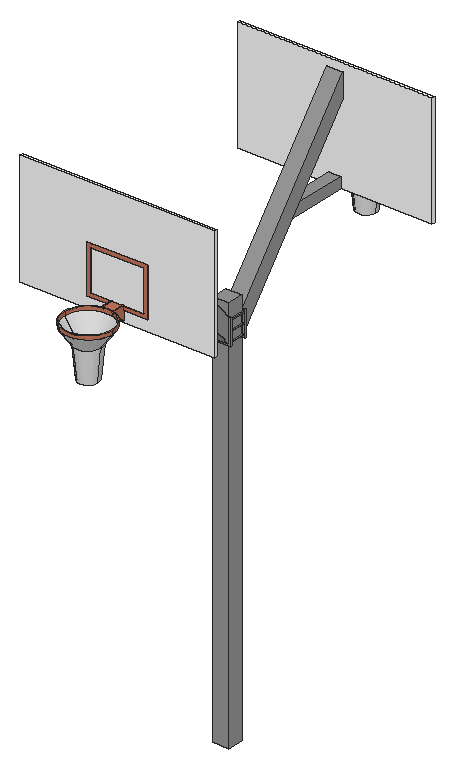
Revit family "Playground-System_Ultimate_Fixed-Height_BA871-72", category Generic Models, Revit 2018
Family settings
  Can host rebar = No
  Round Connector Dimension = Use Diameter
  Part Type = Normal
  OmniClass Number = 23.40.50.34.14
  OmniClass Title = Gymnasium Equipment
  Work Plane-Based = No
  Always vertical = Yes
  Cut with Voids When Loaded = No
  Shared = No
  Room Calculation Point = No
Parameters (values of type "BA872XL-BK")
  URL = "https://ipibybison.com/"
  Test Data = "http://www.ipibybison.com/ToolBox.php"
  Specification = "https://www.arcat.com/arcatcos/cos49/arc49571.html"
  Sales Information = "http://www.ipibybison.com/DealersPage.php"
  Revision = "R1_2018-09"
  Product Data = "http://www.arcat.com/arcatcos/cos38/arc38554.html"
  Post Height = 8' - 4"
  Post Square Width = 0' - 6"
  Post Material = Steel - Galvanized - Hot Dipped
  Padding = Padding - Black
  Model = "As Specified"
  Manufacturer Website = "http://www.ipibybison.com/"
  Manufacturer Phone - Toll Free = "888-438-5311"
  Manufacturer Phone = "888-438-5311"
  Manufacturer Fax = "888-438-5312"
  Manufacturer Address = "603 L St.   Lincoln, NE 68508"
  Manufacturer = "BRP by bison"
  Keynote = "11 66 00"
  Installation-Fabrication = "http://www.ipibybison.com/InstallersPage.php"
  Hoop Finish = Powder Coat - Playground Orange
  Hoop Elevation = 10' - 0"
  Green Building-LEED = "https://www.arcat.com/green/green_building.shtml"
  Embedding Depth = 4' - 0"
  Drawn By = "Sumex Design, Inc. / Robert S. Weygant, CSI, CDT, SCIP"
  Double Sided = yes
  Description = "IPI by Bison Gymnasium Equipment"
  Copyright = "©Arcat Inc."
  Construction Details = "https://www.arcat.com/downloads/38554-brpbis/bim/bison/BRP%20by%20bison"
  Category = ""
  Building Codes = "https://www.brpbybison.com/submittals.html"
  Basket Type = "BA39U"
  Basket Netting = Finish - IPI by Bison - White Netting
  Backboard Length = 6' - 0"
  Backboard Height = 3' - 6"
  Backboard Finish = Powder Coat - White
Types (8): name | Double Sided | Basket Type | Backboard Length
  BA871A-BK | no | "BA39U" | 5' - 0"
  BA871A-GV | no | "BA39U-GV" | 5' - 0"
  BA871-BK | no | "BA39U" | 5' - 0"
  BA872-BK | yes | "BA39U" | 5' - 0"
  BA871XL-BK | no | "BA39U" | 6' - 0"
  BA872-GV | yes | "BA39U" | 5' - 0"
  BA872A-BK | yes | "BA39U" | 5' - 0"
  BA872XL-BK | yes | "BA39U" | 6' - 0"
Reference planes (in)
  plane 1 "Center (Front/Back)": y = 0
  plane 2 "Bottom": z = 0
  plane 3 "Center (Left/Right)": x = 0
  plane 4: x = -3
  plane 5: x = 3
  plane 6 "Back": y = 3
  plane 7: y = -3
  plane 8: y = -51
  plane 9: y = -50
  plane 10 "Left": x = -36
  plane 11 "Right": x = 36
  plane 12: z = 114.5
  plane 13: z = 120
  plane 14 "Top": z = 156.5
  plane 15: y = -51.0625
  plane 16: z = 116.75
  plane 17: y = -31.25
  plane 18: y = -33.25
  plane 19: z = -48
  plane 20: z = 100
  plane 21: z = 94.54174
  plane 22: z = 90.80259
  plane 23: z = 87.06343
  plane 24: x = -3.5
  plane 25: x = 3.5
Forms (in)
  Extrusion 1, solid, material "Powder Coat - Playground Orange" <- "Hoop Finish"
    sketch origin (0, 0, 0) x (1, 0, 0) y (0, 0, 1)
      loop
        line (-11.25, 118.5) -> (-2.25, 118.5) -> (-2.25, 120) -> (-9.75, 120) -> (-9.75, 135) -> (9.75, 135) -> (9.75, 120) -> (2.25, 120) -> (2.25, 118.5) -> (11.25, 118.5) -> (11.25, 136.5) -> (-11.25, 136.5) -> (-11.25, 118.5)
    from 51 to 51.0625
  Extrusion 2, solid, material "Steel - Galvanized - Hot Dipped" <- "Post Material"
    sketch origin (0, 0, 0) x (1, 0, 0) y (0, 1, 0)
      loop
        line (-3, 3) -> (-3, -3) -> (3, -3) -> (3, 3) -> (-3, 3)
    from -48 to 100
  Extrusion 3, solid, material "Steel - Galvanized - Hot Dipped" <- "Post Material"
    sketch origin (0, 0, 0) x (0, 1, 0) y (0, 0, 1)
      loop
        line (-3, 95.55319) -> (-3.5, 95.55319) -> (-3.5, 86.05198) -> (-3, 86.05198) -> (-3, 95.55319)
      loop
        line (3, 95.55319) -> (3, 86.05198) -> (3.5, 86.05198) -> (3.5, 95.55319) -> (3, 95.55319)
    from -4 to 4
  Extrusion 4, solid, material "Steel - Galvanized - Hot Dipped" <- "Post Material"
    sketch origin (0, 0, 0) x (1, 0, 0) y (0, 0, 1)
      loop
        circle (-3.5, 94.54174) r 0.25
      loop
        circle (-3.5, 87.06343) r 0.25
      loop
        circle (-3.5, 90.80259) r 0.25
      loop
        circle (3.5, 94.54174) r 0.25
      loop
        circle (3.5, 87.06343) r 0.25
      loop
        circle (3.5, 90.80259) r 0.25
    from -3 to 3
Dimensions and locks (in)
  equal spacing: plane 4, plane 3 "Center (Left/Right)", plane 5
  "Post Square Width": plane 4 to plane 5
  equal spacing: plane 6 "Back", plane 1 "Center (Front/Back)", plane 7
  "Post Square Width": plane 6 "Back" to plane 7
  locked: plane 9 to plane 8 at 1
  equal spacing: plane 10 "Left", plane 3 "Center (Left/Right)", plane 11 "Right"
  "Backboard Length": plane 10 "Left" to plane 11 "Right"
  "Hoop Elevation": plane 13 to level
  locked: plane 13 to plane 12 at 5.5
  "Backboard Height": plane 14 "Top" to plane 12
  locked: plane 8 to plane 15 at 0.0625
  locked: plane 16 to plane 12 at 2.25
  locked: plane 17 to plane 18 at 2
  "Embedding Depth": level to plane 19
  "Post Height": plane 20 to level
  locked: plane 7 to Extrusion 3 sketch curve at 0.5
  plane 20 to Extrusion 3 sketch curve = 0' - 4.44681"
  locked: Extrusion 3 sketch curve to Extrusion 3 sketch curve at 9.50121  (x2)
  locked: Extrusion 3 sketch curve to plane 6 "Back" at 0.5
  equal spacing: Extrusion 3, plane 3 "Center (Left/Right)", Extrusion 3
  locked: Extrusion 3 to Extrusion 3 at 8
  locked: plane 4 to plane 24 at 0.5
  locked: plane 5 to plane 25 at 0.5
  locked: plane 20 to plane 21 at 5.45826
  equal spacing: plane 21, plane 22, plane 23
  locked: plane 21 to plane 23 at 7.47831
  locked: plane 17 to plane 7 at 28.25
  locked: plane 18 to plane 9 at 16.75
  aligned and locked: plane 2 "Bottom" to level
  aligned and locked: plane 8 to Extrusion 1
  aligned and locked: Extrusion 1 to plane 15
  aligned and locked: plane 4 to Extrusion 2 sketch curve
  aligned and locked: plane 5 to Extrusion 2 sketch curve
  aligned and locked: Extrusion 2 sketch curve to plane 7
  aligned and locked: Extrusion 2 sketch curve to plane 6 "Back"
  aligned and locked: plane 20 to Extrusion 2
  aligned and locked: Extrusion 2 to plane 19
  aligned and locked: Extrusion 3 sketch curve to plane 7
  aligned and locked: plane 6 "Back" to Extrusion 3 sketch curve
  aligned and locked: plane 24 to Extrusion 4 sketch curve  (x3)
  aligned and locked: plane 25 to Extrusion 4 sketch curve  (x3)
  aligned and locked: plane 21 to Extrusion 4 sketch curve  (x2)
  aligned and locked: plane 22 to Extrusion 4 sketch curve  (x2)
  aligned and locked: plane 23 to Extrusion 4 sketch curve  (x2)
  aligned and locked: plane 6 "Back" to Extrusion 4
  aligned and locked: plane 7 to Extrusion 4
  aligned and locked: nested 1 to plane 3 "Center (Left/Right)"
  aligned and locked: plane 7 to nested 1
  aligned and locked: plane 22 to nested 1
  aligned and locked: nested 2 to plane 22
  aligned and locked: nested 2 to plane 6 "Back"
Automatic sketch dimensions
  Extrusion 1 sketch curve to plane 13 = 0' - 0"  (x2)
  plane 4 to Extrusion 1 sketch curve = 0' - 0 3/4"
  Extrusion 1 sketch curve to Extrusion 1 sketch curve = 0' - 1 1/2"  (x3)
  plane 5 to Extrusion 1 sketch curve = 0' - 0 3/4"
  Extrusion 1 sketch curve to plane 5 = 0' - 6 3/4"
  Extrusion 1 sketch curve to plane 13 = 0' - 1 1/2"  (x2)
  Extrusion 3 sketch curve to Extrusion 3 sketch curve = 0' - 0"
  plane 13 to Extrusion 1 sketch curve = 1' - 3"
  Extrusion 1 sketch curve to plane 24 = 0' - 7 3/4"
  radius of Extrusion 4 sketch curve = 0' - 0 1/4"  (x6)
Nested families (in)
  nested 1: "Backboard-Hoop_Assembly" at (0, -3, 86.05124), Backboard Finish <- "Backboard Finish", Basket Netting <- "Basket Netting", Hoop Finish <- "Hoop Finish", Post Material <- "Post Material", Backboard Height <- "Backboard Height", Backboard Length <- "Backboard Length", type "Family1"
    with Post Material Steel - Galvanized - Hot Dipped, Hoop Finish Powder Coat - Playground Orange, Basket Netting Finish - IPI by Bison - White Netting, Backboard Length 6' - 0", Backboard Height 3' - 6", Backboard Finish Powder Coat - White
  nested 2: "Backboard-Hoop_Assembly" at (0, 3, 86.05124), Backboard Finish <- "Backboard Finish", Basket Netting <- "Basket Netting", Hoop Finish <- "Hoop Finish", Post Material <- "Post Material", visible <- "Double Sided", Backboard Height <- "Backboard Height", Backboard Length <- "Backboard Length", type "Family1"
    with Post Material Steel - Galvanized - Hot Dipped, Hoop Finish Powder Coat - Playground Orange, Basket Netting Finish - IPI by Bison - White Netting, Backboard Length 6' - 0", Backboard Height 3' - 6", Backboard Finish Powder Coat - White
Definition of nested family "Backboard-Hoop_Assembly"
  Parameters (values of type "Family1")
    Post Material [instance] = none
    Hoop Finish [instance] = none
    Basket Netting [instance] = none
    Backboard Length [instance] = 5' - 0"
    Backboard Height [instance] = 3' - 6"
    Backboard Finish [instance] = none
  Reference planes (in)
    plane 1 "Center (Front/Back)": y = 0
    plane 2 "Bottom": z = 0
    plane 3 "Center (Left/Right)": x = 0
    plane 4 "Top": z = 70.44802
    plane 5: y = -48
    plane 6: z = 4.75135
    plane 7: x = -30
    plane 8: x = 30
    plane 9: z = 28.44802
  Forms (in)
    Extrusion 1, solid, material <- "Backboard Finish"
      sketch origin (0, 3, -86.05198) x (1, 0, 0) y (0, 0, 1)
        loop
          line (-30, 114.5) -> (30, 114.5) -> (30, 156.5) -> (-30, 156.5) -> (-30, 114.5)
      from 50 to 51
    Extrusion 2, solid, material <- "Hoop Finish"
      sketch origin (0, 3, -86.05198) x (1, 0, 0) y (0, 0, 1)
        loop
          line (-11.25, 118.5) -> (-2.25, 118.5) -> (-2.25, 120) -> (-9.75, 120) -> (-9.75, 135) -> (9.75, 135) -> (9.75, 120) -> (2.25, 120) -> (2.25, 118.5) -> (11.25, 118.5) -> (11.25, 136.5) -> (-11.25, 136.5) -> (-11.25, 118.5)
      from 51 to 51.0625
    Extrusion 3, solid, material <- "Post Material"
      sketch origin (0, 3, -86.05198) x (0, 1, 0) y (0, 0, 1)
        loop
          line (-50, 114.5) -> (-25.85567, 114.5) -> (-29.06935, 118.5) -> (-50, 118.5) -> (-50, 114.5)
      from -2.25 to 2.25
    Extrusion 4, solid, material <- "Post Material"
      sketch origin (0, 3, -86.05198) x (0, 1, 0) y (0, 0, 1)
        loop
          line (-3, 95) -> (-50, 153.5) -> (-50, 144.55198) -> (-3, 86.05198) -> (-3, 95)
      from -3 to 3
  Dimensions and locks (in)
    locked: Extrusion 4 sketch curve to Extrusion 4 sketch curve at 8.94802  (x2)
    locked: plane 6 to level at 4.75135
    locked: plane 1 "Center (Front/Back)" to plane 5 at 48
    locked: level to plane 4 "Top" at 70.44802
    equal spacing: plane 7, plane 3 "Center (Left/Right)", plane 8
    "Backboard Length": plane 7 to plane 8
    "Backboard Height": plane 4 "Top" to plane 9
    aligned and locked: plane 2 "Bottom" to level
    aligned and locked: Extrusion 4 to plane 1 "Center (Front/Back)"
    aligned and locked: plane 7 to Extrusion 1
    aligned and locked: plane 8 to Extrusion 1
    aligned and locked: Extrusion 1 to plane 4 "Top"
    aligned and locked: plane 9 to Extrusion 1
  Automatic sketch dimensions
    Extrusion 1 sketch curve to plane 4 "Top" = 0' - 0"
    plane 7 to Extrusion 1 sketch curve = 0' - 0"
    Extrusion 1 sketch curve to plane 8 = 0' - 0"
    plane 6 to Extrusion 1 sketch curve = 1' - 11.69666"
    Extrusion 2 sketch curve to plane 3 "Center (Left/Right)" = 0' - 11 1/4"
    Extrusion 2 sketch curve to Extrusion 2 sketch curve = 0' - 1 1/2"  (x5)
    Extrusion 2 sketch curve to plane 3 "Center (Left/Right)" = 0' - 2 1/4"
    plane 3 "Center (Left/Right)" to Extrusion 2 sketch curve = 0' - 2 1/4"
    Extrusion 2 sketch curve to Extrusion 2 sketch curve = 0' - 7 1/2"
    plane 6 to Extrusion 2 sketch curve = 2' - 3.69666"
    Extrusion 2 sketch curve to Extrusion 2 sketch curve = 0' - 0"
    Extrusion 2 sketch curve to Extrusion 2 sketch curve = 1' - 3"
    plane 5 to Extrusion 3 sketch curve = 0' - 1"
    Extrusion 3 sketch curve to Extrusion 3 sketch curve = 1' - 8.93065"
    Extrusion 3 sketch curve to Extrusion 3 sketch curve = 0' - 3.21368"
    plane 6 to Extrusion 3 sketch curve = 1' - 11.69666"
    Extrusion 3 sketch curve to Extrusion 3 sketch curve = 0' - 4"
    Extrusion 4 sketch curve to level = 0' - 0"
    Extrusion 4 sketch curve to plane 1 "Center (Front/Back)" = 0' - 0"
    plane 5 to Extrusion 4 sketch curve = 0' - 1"
    plane 4 "Top" to Extrusion 4 sketch curve = 0' - 11.94802"
  Nested families (in)
    nested 1: "Playground-System_Heavy-Duty-4_1-2in_PR52_Basket" at (0, -48, 33.94802), Frame <- "Hoop Finish", Netting <- "Basket Netting", type "Playground-System_Heavy-Duty-4_1-2in_PR52_Basket"
      with Netting none, Frame none
  Definition of nested family "Playground-System_Heavy-Duty-4_1-2in_PR52_Basket"
    Parameters (values of type "Playground-System_Heavy-Duty-4_1-2in_PR52_Basket")
      Netting [instance] = none
      Frame [instance] = none
    Reference planes (in)
      plane 1 "Center (Front/Back)": y = 0
      plane 2: z = 0
      plane 3 "Center (Left/Right)": x = 0
      plane 4 "Net": y = -13.5
      plane 5: x = -2.25
      plane 6: x = 2.25
    Forms (in)
      Extrusion 1, solid, material <- "Frame"
        sketch origin (0, 0, 0) x (1, 0, 0) y (0, 1, 0)
          loop
            circle (0, -13.5) r 9
          loop
            circle (0, -13.5) r 8.75
        from -1.38229 to 0
      Extrusion 2, solid, material <- "Frame"
        sketch origin (0, 0, 0) x (0, 1, 0) y (0, 0, 1)
          loop
            line (0, 0) -> (-4.75, 0) -> (-4.75, -1.1813) -> (0, -5.25) -> (0, 0)
        from -2.25 to -2.06458
      Extrusion 3, solid, material <- "Frame"
        sketch origin (0, 0, 0) x (0, 1, 0) y (0, 0, -1)
          loop
            line (0, 0) -> (0, 5.25) -> (-4.75, 1.1813) -> (-4.75, 0) -> (0, 0)
        from -2.25 to -2.06458
      Extrusion 4, solid, material <- "Frame"
        sketch origin (0, 0, 0) x (0, 1, 0) y (0, 0, 1)
          loop
            line (-4.75, 0) -> (-4.75, -0.25) -> (-0.25, -0.25) -> (-0.25, -5.03586) -> (0, -5.25) -> (0, 0) -> (-4.75, 0)
        from -2.06458 to 2.06458
      Revolve 5, solid, material <- "Netting"
        sketch origin (0, -13.5, 0) x (-1, 0, 0) y (0, 0, 1)
          loop
            line (9, -1.38229) -> (8.8474, -1.38229) -> (4.72063, -7.27592) -> (3.4482, -19.38229) -> (3.57389, -19.38229) -> (4.84157, -7.32114) -> (9, -1.38229)
          axis (0, -1.38229) -> (0, -19.38229)
        angle from 0 to 360
    Dimensions and locks (in)
      locked: level to Extrusion 1 at 1.38229
      locked: plane 4 "Net" to plane 1 "Center (Front/Back)" at 13.5
      equal spacing: plane 6, plane 3 "Center (Left/Right)", plane 5
      locked: plane 6 to plane 5 at 4.5
      aligned and locked: plane 2 to level
      aligned and locked: level to Extrusion 1
    Automatic sketch dimensions
      Extrusion 1 sketch curve to Extrusion 1 sketch curve = 0' - 0"  (x2)
      Extrusion 1 sketch curve to plane 3 "Center (Left/Right)" = 0' - 0"
      Extrusion 1 sketch curve to plane 4 "Net" = 0' - 0"
      Revolve 5 sketch curve to plane 3 "Center (Left/Right)" = 0' - 0"
      Revolve 5 sketch curve to plane 5 = 0' - 1.1982"
      Revolve 5 sketch curve to Revolve 5 sketch curve = 0' - 0.12569"
      Revolve 5 sketch curve to plane 5 = 0' - 2.47063"
      Revolve 5 sketch curve to Revolve 5 sketch curve = 0' - 0.12094"
      Revolve 5 sketch curve to level = 0' - 1.38229"  (x2)
      Revolve 5 sketch curve to plane 5 = 0' - 6.5974"
      Revolve 5 sketch curve to Revolve 5 sketch curve = 0' - 0.1526"
      Revolve 5 sketch curve to Revolve 5 sketch curve = 0' - 0.04522"
      Revolve 5 sketch curve to Revolve 5 sketch curve = 1' - 0.06115"
      Revolve 5 sketch curve to Revolve 5 sketch curve = 0' - 1"
      Revolve 5 sketch curve to Revolve 5 sketch curve = 0' - 5.89364"
      Extrusion 2 sketch curve to level = 0' - 0"
      Extrusion 2 sketch curve to plane 1 "Center (Front/Back)" = 0' - 0"
      Extrusion 2 sketch curve to level = 0' - 1.1813"
      plane 1 "Center (Front/Back)" to Extrusion 2 sketch curve = 0' - 4 3/4"
      Extrusion 2 sketch curve to level = 0' - 5 1/4"
      Extrusion 3 sketch curve to level = 0' - 0"
      Extrusion 3 sketch curve to plane 1 "Center (Front/Back)" = 0' - 0"
      Extrusion 3 sketch curve to level = 0' - 1.1813"
      plane 1 "Center (Front/Back)" to Extrusion 3 sketch curve = 0' - 4 3/4"
      Extrusion 3 sketch curve to level = 0' - 5 1/4"
      Extrusion 4 sketch curve to level = 0' - 0"
      Extrusion 4 sketch curve to plane 1 "Center (Front/Back)" = 0' - 0"
      plane 1 "Center (Front/Back)" to Extrusion 4 sketch curve = 0' - 0 1/4"
      Extrusion 4 sketch curve to level = 0' - 0 1/4"
      Extrusion 4 sketch curve to Extrusion 4 sketch curve = 0' - 4 1/2"
      Extrusion 4 sketch curve to Extrusion 4 sketch curve = 0' - 4.78586"
      Extrusion 4 sketch curve to Extrusion 4 sketch curve = 0' - 0.21414"
      radius of Extrusion 1 sketch curve = 0' - 9"
      radius of Extrusion 1 sketch curve = 0' - 8 3/4"
